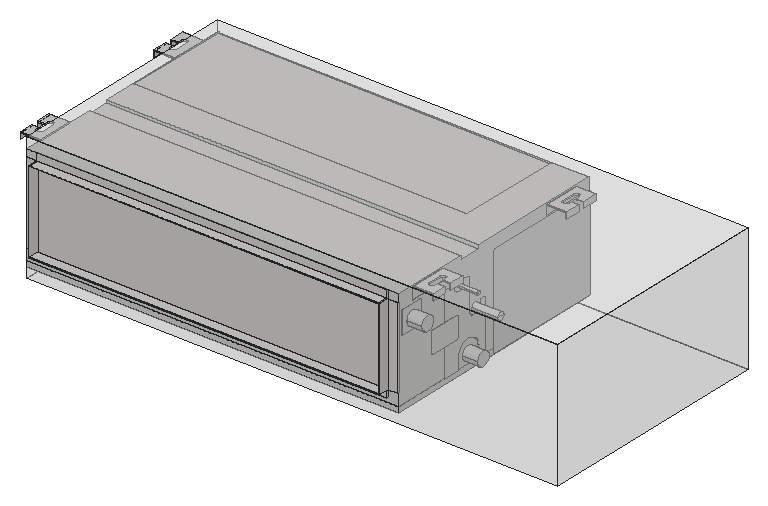
Revit family "outputfile", category 機械設備, Revit 2024
Family settings
  丸型コネクタ寸法 = 半径を使用
  パーツ タイプ = 標準
  OmniClass 番号 = 23.75.10.24.21.27.27
  OmniClass タイトル = Split System Air Conditioning Units
  作業面ベース = いいえ
  常に垂直 = はい
  ロード時にボイドで切り取り = いいえ
  注釈の向きを維持 = いいえ
  共有 = いいえ
  部屋計算ポイント = はい
Parameters (values of type "FPDQ25APV1")
  Description = ""
  書き出し IFC クラス(タイプ) = "IfcUnitaryEquipmentType"
  定義済み IFC タイプ(タイプ) = "AIRCONDITIONINGUNIT"
  Cost = 0
  Type Comments = ""
  Keynote = ""
  Type Image = (empty or 0)
  Assembly Code = ""
  w_RA Duct Size = RA Duct Size Width + 34.0 mm  # 630.0 mm
  r_HP/LP Gas Pipe Size = 4.75 mm
  lw_HP/LP Gas Pipe Size = 60.0 mm  # constant formula
  lh_HP/LP Gas Pipe Size = -103.0 mm
  ld_mountinghole = 67.5 mm  # constant formula
  ld_HP/LP Gas Pipe Size = 131.0 mm
  製造元 = "Daikin"
  モデル = "FPDQ25APV1"
  w_pipe = 33.0 mm
  r_Liquid Pipe Size = Liquid Pipe Size / 2  # 3.2 mm
  r_Gas Pipe Size = Gas Pipe Size / 2  # 6.35 mm
  r_Drain Pipe Size = Drain Pipe Size / 2  # 13.0 mm
  lw_powersupply = 49.5 mm
  lh_suctionflange [instance] = if(Rear Connection_Return Air, 100.0 mm + [h***], 190.0 mm + [h***])  # 100.0 mm
  ld_suctionflange [instance] = if(Rear Connection_Return Air, 190.0 mm, 100.0 mm)  # 190.0 mm
  ld_powersupply = 60.0 mm
  angle_vertical_RA [instance] = if(Rear Connection_Return Air, 90.00°, 0.00°)  # 90.00°
  angle horizontal_RA [instance] = if(Rear Connection_Return Air, 180.00°, 270.00°)  # 180.00°
  Voltage_comment_50Hz = "220 - 240"
  Voltage_50Hz = 230 V
  URL = ""
  Supply Air Direction [instance] = yes
  Sound Power Level_H speed (dB) = 0
  Rear Connection_Return Air [instance] = not(Bottom Connection_Return Air)  # yes
  RA_length = 190.0 mm  # constant formula
  Phase_50Hz = 1
  Minimum External Static Pressure = 10.00 Pa
  Minimum Circuit Amps_50Hz = 0.7 A
  Maximum Fuse Amps_50Hz = 16.0 A
  Maximum External Static Pressure = 30.00 Pa
  Material_Casing = DAIKIN_GalvanizedSteel_Casing_indoorunit
  lw_liquidpipe = 39.0 mm  # constant formula
  lw_gaspipe = 50.5 mm  # constant formula
  lw_mountinghole_pitch = Width + 40.0 mm  # 740.0 mm
  lw_mountinghole = 20.0 mm  # constant formula
  lw_drainpipe = 33.0 mm  # constant formula
  lh_powersupply = 20.0 mm
  lh_liquidpipe = 154.5 mm
  lh_gaspipe = 102.0 mm
  lh_mountinghole = Height + [h***]  # 200.0 mm
  lh_drainpipe = 50.0 mm
  lh_antena = 1.0 mm  # constant formula
  ld_liquidpipe = 141.0 mm
  ld_gaspipe = 178.5 mm  # constant formula
  ld_mountinghole_pitch = 315.0 mm  # constant formula
  ld_drainpipe = 422.0 mm  # constant formula
  ld_controlbox = 626.0 mm  # constant formula
  h*** = 0.0 mm  # constant formula
  d_dischargeflange = 22.2 mm  # constant formula
  Width = 700.0 mm
  Version = "ver.1.0"
  Unit Type = "Compact Ceiling Mounted Duct Type"
  Unit Mass Weight = 17.00 kg
  Unit Designation [instance] = ""
  Uniclass2015Version = "Products v1.30"
  Uniclass2015Title = "Variable refrigerant flow units"
  Uniclass2015Code = "Pr_70_65_03_94"
  Total Cooling Capacity [instance] = 0.000 kW
  Sound Pressure Level_M speed (dBA) = 26
  Sound Pressure Level_L speed (dBA) = 24
  Sound Pressure Level_H speed (dBA) = 28
  Series = "VRV HOME_Fan Coil Unit"
  Sensible Cooling Capacity [instance] = 0.000 kW
  SA Duct Size Width = 660.0 mm
  SA Duct Size Height = 153.0 mm
  Refrigerant Type = "R410A"
  RA Duct Size Width = 596.0 mm
  RA Duct Size Height = 172.0 mm
  Power Input (Cooling) = 0.075 kW
  Option Accessory 3 [instance] = ""
  Option Accessory 2 [instance] = ""
  Option Accessory 1 [instance] = ""
  Nominal Cooling Capacity = 2.800 kW
  Minimum Airflow = 420.00 m³/h
  Median Airflow = 480.00 m³/h
  Maximum Airflow = 540.00 m³/h
  Load Classification = HVAC
  Liquid Pipe Size = 6.4 mm
  Link_Nested Family [instance] = ""
  IfcVersion = ""
  IfcExportType = "AIRCONDITIONINGUNIT"
  IfcExportAs = "IfcUnitaryEquipmentType"
  Height = 200.0 mm
  Heat Exchanger Type = "Cross Fin Coil"
  Gas Pipe Size = 12.7 mm
  Frequency_50Hz = 50 Hz
  Fan Type = "Sirocco Fan"
  Fan Drive = "Direct Drive"
  FCU Tag No. [instance] = ""
  Drain Pipe Size = 26.0 mm
  Design Supply Airflow [instance] = 0.00 m³/h
  Design Return Airflow [instance] = 0.00 m³/h
  Design External Static Pressure [instance] = 0.00 Pa
  Depth = 450.0 mm
  既定の高さ = 0.0 mm
  Cooling Entering Wet Bulb Temperature [instance] = 0.00 °C
  Cooling Entering Dry Bulb Temperature [instance] = 0.00 °C
  Cooling Ambient Wet Bulb Temperature [instance] = 0.00 °C
  Cooling Ambient Dry Bulb Temperature [instance] = 0.00 °C
  Clearance visibility [instance] = yes
  Clearance Top = 20.0 mm
  Clearance Right = 300.0 mm
  Clearance Rear = 0.0 mm
  Clearance Left = 0.0 mm
  Clearance Front = 0.0 mm
  Clearance Bottom = 20.0 mm
  Bottom Connection_Return Air [instance] = no
Reference planes
  plane 1 "Center (Front/Back)": y = 0
  plane 2: z = 0
  plane 3 "Center (Left/Right)": x = 0
  plane 4 "Back": y = 225
  plane 5 "Front": y = -225
  plane 6 "Left": x = -350
  plane 7 "Right": x = 350
  plane 8 "Top": z = 0
  plane 9 "Bottom": z = -200
  plane 10: x = 325
  plane 11: x = -330
  plane 12: z = -180
  plane 13: z = -6
  plane 14: z = -22
  plane 15: z = -45.5
  plane 16: z = -98
  plane 17: x = -304
  plane 18: x = -370
  plane 19: x = 370
  plane 20: y = -157.5
  plane 21: y = 157.5
  plane 22: x = -390
  plane 23: x = 390
  plane 24: x = 389
  plane 25: x = 400.5
  plane 26: x = 383
  plane 27: z = 0
  plane 28: z = -150
  plane 29 "Clearance Left": x = -350
  plane 30 "Clearance Right": x = 650
  plane 31 "Clearance Rear": y = 225
  plane 32 "Clearance Front": y = -225
  plane 33 "Clearance Top": z = 20
  plane 34 "Clearance Bottom": z = -220
  plane 35: z = -14
  plane 36: z = -50
  plane 37: z = -96.5
  plane 38: x = -32
  plane 39: y = -46.5
  plane 40: y = -84
  plane 41: y = -30
  plane 42: y = -197
  plane 43: z = -90.5
  plane 44: y = -224
  plane 45: x = -349
  plane 46: z = -90
  plane 47: z = -30
  plane 48: y = 210
  plane 49: z = -199
  plane 50: y = 35
  plane 51: z = -101
  plane 52: x = 380
  plane 53: z = 11
  plane 54: z = 97.5
  plane 55: y = -94
Forms (mm)
  Extrusion 1, solid, material "DAIKIN_GalvanizedSteel_Casing_indoorunit" <- "Material_Casing"
    sketch origin (0, 0, 0) x (1, 0, 0) y (0, 1, 0)
      loop
        line (-350, -225) -> (350, -225) -> (350, 225) -> (-350, 225) -> (-350, -225)
    from -200 to 0
  Extrusion 2, void
    sketch origin (0, 0, 1) x (1, 0, 0) y (0, 1, 0)
      loop
        line (-350, -78) -> (350, -78) -> (350, -36) -> (-350, -36) -> (-350, -78)
    from -1 to -7
  Revolve 3, solid, material "DAIKIN_GalvanizedSteel_Casing_indoorunit" <- "Material_Casing"
    sketch origin (0, 0, -98) x (0, -1, 0) y (1, 0, 0)
      loop
        line (40.15, 350) -> (46.5, 350) -> (46.5, 400.5) -> (40.15, 400.5) -> (40.15, 350)
      axis (46.5, 350) -> (46.5, 400.5)
    angle from 0 to 360
  Revolve 4, solid, material "DAIKIN_GalvanizedSteel_Casing_indoorunit" <- "Material_Casing"
    sketch origin (0, 0, -45.5) x (0, -1, 0) y (1, 0, 0)
      loop
        line (84, 350) -> (84, 389) -> (80.8, 389) -> (80.8, 350) -> (84, 350)
      axis (84, 389) -> (84, 350)
    angle from 0 to 360
  Extrusion 5, solid, material "DAIKIN_GalvanizedSteel_Casing_indoorunit" <- "Material_Casing"
    sketch origin (350, 0, 33.75) x (0, 1, 0) y (0, 0, 1)
      loop
        circle (-197, -83.75) r 13
    from 0 to 33
  Extrusion 6, solid, material "DAIKIN_GalvanizedSteel_Casing_indoorunit" <- "Material_Casing"
    sketch origin (0, 0, 0) x (1, 0, 0) y (0, 0, 1)
      loop
        line (-350, -189.5) -> (-350, -200) -> (350, -200) -> (350, -189.5) -> (-350, -189.5)
    from 2 to 225
  Extrusion 7, solid, material "DAIKIN_GalvanizedSteel_Casing_indoorunit" <- "Material_Casing", visible <- "Bottom Connection_Return Air"
    sketch origin (0, 225, 0) x (-1, 0, 0) y (0, 0, 1)
      loop
        line (-279, -200) -> (349, -200) -> (349, -1) -> (-279, -1) -> (-279, -200)
    from -1 to 0
  Extrusion 8, void
    sketch origin (0, 225, 0) x (-1, 0, 0) y (0, 0, 1)
      loop
        line (-279, 0) -> (-279, -1) -> (349, -1) -> (349, 0) -> (-279, 0)
    from 0 to -199
  Extrusion 9, solid, material "DAIKIN_GalvanizedSteel_Casing_indoorunit" <- "Material_Casing", visible <- "Rear Connection_Return Air"
    sketch origin (0, 0, 0) x (1, 0, 0) y (0, 1, 0)
      loop
        line (-349, 225) -> (-349, 26) -> (279, 26) -> (279, 225) -> (-349, 225)
    from -200 to -199
  Extrusion 10, solid, material "DAIKIN_GalvanizedSteel_Casing_indoorunit" <- "Material_Casing"
    sketch origin (350, 0, 0) x (0, 1, 0) y (0, 0, 1)
      loop
        line (225, -22.445) -> (1.953, -22.445)
        arc (1.953, -22.445) -> (-0.169, -23.324) -> (-1.047, -25.445) r 3
        line (-1.047, -25.445) -> (-1.047, -195.005)
        arc (-1.047, -195.005) -> (-0.169, -197.126) -> (1.953, -198.005) r 3
        line (1.953, -198.005) -> (225, -198.005) -> (225, -22.445)
    from 1 to 0
  Extrusion 11, solid, material "DAIKIN_GalvanizedSteel_Casing_indoorunit" <- "Material_Casing"
    sketch origin (350, 0, 0) x (0, 1, 0) y (0, 0, 1)
      loop
        circle (-62, -170) r 13
    from 30 to 0
  Extrusion 12, solid, material "DAIKIN_GalvanizedSteel_Casing_indoorunit" <- "Material_Casing"
    sketch origin (350, 0, 0) x (0, 1, 0) y (0, 0, 1)
      loop
        line (-148.682, -97.261) -> (-148.687, -131.178)
        arc (-148.687, -131.178) -> (-147.811, -133.295) -> (-145.695, -134.172) r 2.993
        line (-145.695, -134.172) -> (-91.826, -134.18)
        arc (-91.826, -134.18) -> (-89.709, -133.304) -> (-88.832, -131.187) r 2.994
        line (-88.832, -131.187) -> (-88.832, -97.148)
        arc (-88.832, -97.148) -> (-89.749, -95.111) -> (-91.821, -94.277) r 2.992
        line (-91.821, -94.277) -> (-145.689, -94.269)
        arc (-145.689, -94.269) -> (-147.805, -95.145) -> (-148.682, -97.261) r 2.993
      loop
        line (-176, -70.949) -> (-176, -29) -> (-218, -29) -> (-218, -70.949) -> (-176, -70.949)
    from 0 to 3
  Extrusion 13, solid, material "DAIKIN_GalvanizedSteel_Casing_indoorunit" <- "Material_Casing"
    sketch origin (350, 0, 0) x (0, 1, 0) y (0, 0, 1)
      loop
        line (-37.558, -189.537) -> (-21.994, -189.537) -> (-21.994, -94.768)
        arc (-21.994, -94.768) -> (-22.579, -93.358) -> (-23.989, -92.773) r 1.995
        line (-23.989, -92.773) -> (-30.037, -92.773)
        arc (-30.037, -92.773) -> (-31.448, -93.358) -> (-32.032, -94.768) r 1.995
        line (-32.032, -94.768) -> (-32.032, -98)
        arc (-32.032, -98) -> (-46.255, -112.466) -> (-60.959, -98.49) r 14.468
        line (-60.959, -98.49) -> (-60.959, -42.953)
        arc (-60.959, -42.953) -> (-61.685, -41.568) -> (-63.124, -40.958) r 2.32
        line (-63.124, -40.958) -> (-69.828, -40.958)
        arc (-69.828, -40.958) -> (-71.239, -41.542) -> (-71.823, -42.953) r 1.995
        line (-71.823, -42.953) -> (-71.823, -45.946)
        arc (-71.823, -45.946) -> (-83.794, -57.917) -> (-95.765, -45.946) r 11.971
        line (-95.765, -45.946) -> (-95.765, -42.953)
        arc (-95.765, -42.953) -> (-96.349, -41.542) -> (-97.76, -40.958) r 1.995
        line (-97.76, -40.958) -> (-114.828, -40.958)
        arc (-114.828, -40.958) -> (-116.239, -41.542) -> (-116.823, -42.953) r 1.995
        line (-116.823, -42.953) -> (-116.823, -94.273) -> (-91.821, -94.277)
        arc (-91.821, -94.277) -> (-89.749, -95.111) -> (-88.832, -97.148) r 2.992
        line (-88.832, -97.148) -> (-88.832, -131.186)
        arc (-88.832, -131.186) -> (-89.709, -133.303) -> (-91.826, -134.18) r 2.994
        line (-91.826, -134.18) -> (-116.823, -134.176) -> (-116.823, -189.537) -> (-86.438, -189.537) -> (-86.438, -169.501)
        arc (-86.438, -169.501) -> (-61.998, -145.061) -> (-37.558, -169.501) r 24.44
        line (-37.558, -169.501) -> (-37.558, -189.537)
    from 0 to 1
  Extrusion 14, solid, material "DAIKIN_GalvanizedSteel_Casing_indoorunit" <- "Material_Casing"
    sketch origin (-350, 0, 0) x (0, 1, 0) y (0, 0, 1)
      loop
        line (72.017, -134.38) -> (151.983, -134.38) -> (151.983, -85.62) -> (72.017, -85.62) -> (72.017, -134.38)
    from 0 to -1
  Extrusion 15, solid, material "DAIKIN_GalvanizedSteel_Casing_indoorunit" <- "Material_Casing"
    sketch origin (-350, 0, 0) x (0, 1, 0) y (0, 0, 1)
      loop
        circle (112, -110) r 20.479
    from 0 to -7
  Extrusion 16, solid, material "DAIKIN_GalvanizedSteel_Casing_indoorunit" <- "Material_Casing"
    sketch origin (-350, 0, 0) x (0, 1, 0) y (0, 0, 1)
      loop
        circle (112, -110) r 17.066
    from 0 to -9
  Extrusion 17, solid, material "DAIKIN_GalvanizedSteel_Casing_indoorunit" <- "Material_Casing"
    sketch origin (-350, 0, 0) x (0, 1, 0) y (0, 0, 1)
      loop
        circle (112, -110) r 7.5
    from 0 to -22.5
Cuts and joins
  Extrusion 2, Extrusion 8 cuts Extrusion 1
  Extrusion 8 cuts Extrusion 6
  joined: Extrusion 14, Extrusion 15, Extrusion 16, Extrusion 17
Dimensions and locks
  "lh_powersupply": plane 12 to plane 9 "Bottom"
  locked: plane 8 "Top" to plane 13 at 6
  "Height": plane 8 "Top" to plane 9 "Bottom"
  locked: plane 17 to plane 3 "Center (Left/Right)" at 304
  equal spacing: plane 18, plane 3 "Center (Left/Right)", plane 19
  "lw_mountinghole_pitch": plane 18 to plane 19
  locked: plane 14 to plane 9 "Bottom" at 178
  "lw_mountinghole": plane 22 to plane 18
  "lh_liquidpipe": plane 15 to plane 9 "Bottom"
  "lh_gaspipe": plane 16 to plane 9 "Bottom"
  "lh_mountinghole": plane 27 to plane 9 "Bottom"
  "ld_mountinghole_pitch": plane 21 to plane 20
  equal spacing: plane 6 "Left", plane 3 "Center (Left/Right)", plane 7 "Right"
  "Width": plane 6 "Left" to plane 7 "Right"
  "lh_drainpipe": plane 28 to plane 9 "Bottom"
  "Clearance Right": plane 7 "Right" to plane 30 "Clearance Right"
  "Clearance Left": plane 29 "Clearance Left" to plane 6 "Left"
  "lw_gaspipe": plane 7 "Right" to plane 25
  "lw_liquidpipe": plane 7 "Right" to plane 24
  "lw_drainpipe": plane 7 "Right" to plane 26
  "Clearance Rear": plane 31 "Clearance Rear" to plane 4 "Back"
  "Clearance Front": plane 5 "Front" to plane 32 "Clearance Front"
  "Clearance Top": plane 33 "Clearance Top" to plane 8 "Top"
  "Clearance Bottom": plane 9 "Bottom" to plane 34 "Clearance Bottom"
  plane 8 "Top" to plane 35 = 14.0 mm
  "lh_drainpipe": plane 8 "Top" to plane 36
  locked: plane 37 to plane 9 "Bottom" at 103.5
  locked: plane 35 to plane 43 at 76.5
  "Depth": plane 4 "Back" to plane 5 "Front"
  equal spacing: plane 4 "Back", plane 1 "Center (Front/Back)", plane 5 "Front"
  locked: plane 44 to plane 5 "Front" at 1
  locked: plane 45 to plane 6 "Left" at 1
  Extrusion 7 sketch curve to Extrusion 7 sketch curve = 199.0 mm
  nested 12 to plane 38 = 298.0 mm
  locked: plane 12 to plane 46 at 90
  plane 31 "Clearance Rear" to Extrusion 7 = 0.0 mm
  locked: plane 47 to plane 34 "Clearance Bottom" at 190
  plane 48 to nested 13 = 1.0 mm
  locked: plane 49 to plane 9 "Bottom" at 1
  "ld_suctionflange": plane 4 "Back" to plane 50
  locked: plane 51 to plane 9 "Bottom" at 99
  locked: plane 52 to plane 7 "Right" at 30
  "r_Gas Pipe Size": Revolve 3 sketch curve to Revolve 3 sketch curve
  "ld_gaspipe": plane 39 to plane 5 "Front"
  "r_Liquid Pipe Size": Revolve 4 sketch curve to plane 40
  "ld_liquidpipe": plane 40 to plane 5 "Front"
  "ld_drainpipe": plane 4 "Back" to plane 42
  "ld_HP/LP Gas Pipe Size": plane 55 to plane 5 "Front"
  plane 8 "Top" to plane 15 = 45.5 mm
  Extrusion 2 sketch curve to plane 5 "Front" = 189.0 mm
  "lw_powersupply": nested 11 to plane 7 "Right"
  plane 4 "Back" to nested 11 = 60.0 mm
  locked: plane 7 "Right" to Extrusion 8 sketch curve at 71
  locked: plane 7 "Right" to Extrusion 7 sketch curve at 71
  "ld_mountinghole": plane 20 to plane 5 "Front"
  locked: Extrusion 6 sketch curve to plane 9 "Bottom" at 10.5
  "ld_gaspipe": Revolve 3 sketch curve to plane 5 "Front"
  plane 8 "Top" to Extrusion 12 sketch curve to Extrusion 12 sketch curve = 29.0 mm locked, 41.949 mm locked
  plane 5 "Front" to Extrusion 12 sketch curve to Extrusion 12 sketch curve = 7.0 mm locked, 42.0 mm locked
  "r_Drain Pipe Size": radius of Extrusion 5 sketch curve
  aligned and locked: level to plane 2
  aligned and locked: Extrusion 1 to plane 9 "Bottom"
  aligned and locked: plane 8 "Top" to Extrusion 1
  aligned and locked: Revolve 3 sketch curve to Revolve 3 sketch curve
  aligned and locked: plane 24 to nested 6
  aligned and locked: nested 6 to plane 15
  aligned and locked: nested 2 to plane 21
  aligned and locked: plane 19 to nested 2
  aligned and locked: plane 19 to nested 3
  aligned and locked: plane 18 to nested 4
  aligned and locked: plane 21 to nested 5
  aligned and locked: nested 5 to plane 21
  aligned and locked: plane 18 to nested 5
  aligned and locked: plane 8 "Top" to nested 1
  aligned and locked: Extrusion 6 to plane 5 "Front"
  aligned and locked: Extrusion 6 to plane 9 "Bottom"
  aligned and locked: nested 7 to plane 16
  aligned and locked: plane 39 to nested 7
  aligned and locked: plane 40 to nested 6
  aligned and locked: Extrusion 5 sketch curve to plane 42
  aligned and locked: nested 12 to plane 45
  aligned and locked: plane 4 "Back" to Extrusion 8
  aligned and locked: plane 8 "Top" to Extrusion 2
  aligned and locked: Extrusion 7 to cut or joined group of Extrusion 1, Extrusion 2, Extrusion 8
  aligned and locked: plane 9 "Bottom" to Extrusion 9  (x2)
  aligned and locked: Extrusion 9 to plane 49
  aligned and locked: plane 4 "Back" to nested 12
  aligned and locked: Extrusion 8 to level
  aligned and locked: plane 30 "Clearance Right" to nested 14
  aligned and locked: plane 29 "Clearance Left" to nested 14
  aligned and locked: nested 14 to plane 32 "Clearance Front"
  aligned and locked: nested 14 to plane 33 "Clearance Top"
  aligned and locked: nested 14 to plane 34 "Clearance Bottom"
  aligned and locked: plane 7 "Right" to Extrusion 10
  aligned and locked: Extrusion 2 to plane 13
  aligned and locked: nested 8 to plane 36
  aligned and locked: nested 10 to plane 1 "Center (Front/Back)"
  aligned and locked: plane 45 to Extrusion 7
  aligned and locked: nested 12 to plane 49
  aligned and locked: plane 3 "Center (Left/Right)" to nested 10
  aligned and locked: plane 43 to nested 9
  aligned and locked: level to plane 8 "Top"
  aligned and locked: plane 3 "Center (Left/Right)" to nested 1
  aligned and locked: Extrusion 1 sketch curve to plane 5 "Front"
  aligned and locked: plane 3 "Center (Left/Right)" to nested 16
  aligned and locked: plane 5 "Front" to nested 16
  aligned and locked: nested 9 to plane 5 "Front"
  aligned and locked: plane 40 to Revolve 4 sketch curve  (x2)
  aligned and locked: plane 7 "Right" to nested 7
  aligned and locked: Extrusion 9 sketch curve to cut or joined group of Extrusion 1, Extrusion 2, Extrusion 8
  aligned and locked: plane 45 to nested 13
  aligned and locked: plane 7 "Right" to nested 8
  aligned and locked: plane 42 to nested 8
  aligned and locked: cut or joined group of Extrusion 1, Extrusion 2, Extrusion 8 to Extrusion 9 sketch curve
  aligned and locked: plane 1 "Center (Front/Back)" to nested 1
  aligned and locked: nested 4 to plane 20
  aligned and locked: nested 3 to plane 20
  aligned and locked: nested 16 to plane 35
  aligned and locked: nested 13 to Extrusion 7
  aligned and locked: plane 38 to nested 15
  aligned and locked: nested 15 to plane 50
  aligned and locked: plane 4 "Back" to nested 11
  aligned and locked: plane 12 to nested 11
  aligned and locked: plane 7 "Right" to Revolve 4 sketch curve
  aligned and locked: plane 7 "Right" to Revolve 3 sketch curve
  aligned and locked: Revolve 3 sketch curve to nested 7
  aligned and locked: Extrusion 6 sketch curve to plane 9 "Bottom"
  aligned and locked: plane 31 "Clearance Rear" to nested 14
Automatic sketch dimensions
  Extrusion 1 sketch curve to plane 4 "Back" = 0.0 mm
  Extrusion 1 sketch curve to plane 6 "Left" = 0.0 mm
  Extrusion 1 sketch curve to plane 7 "Right" = 0.0 mm
  Extrusion 2 sketch curve to plane 6 "Left" = 0.0 mm
  Extrusion 2 sketch curve to plane 7 "Right" = 0.0 mm
  Revolve 3 sketch curve to plane 38 = 57.997 mm
  plane 24 to Revolve 3 sketch curve = 1.003 mm
  Revolve 4 sketch curve to plane 24 = 0.0 mm  (x2)
  Revolve 4 sketch curve to Revolve 4 sketch curve = 1.0 mm
  Extrusion 6 sketch curve to plane 6 "Left" = 0.0 mm
  Extrusion 6 sketch curve to plane 7 "Right" = 0.0 mm
  Extrusion 9 sketch curve to plane 45 = 0.0 mm
  Extrusion 9 sketch curve to plane 4 "Back" = 0.0 mm
  Extrusion 10 sketch curve to plane 4 "Back" = 0.0 mm
  plane 49 to Extrusion 10 sketch curve = 0.995 mm
  Extrusion 10 sketch curve to plane 50 = 33.047 mm  (x2)
  Extrusion 10 sketch curve to plane 14 = 3.445 mm
  Extrusion 10 sketch curve to Extrusion 10 sketch curve = 3.0 mm
  plane 36 to Extrusion 5 sketch curve = 0.0 mm
  Extrusion 7 sketch curve to plane 9 "Bottom" = 0.0 mm
  Extrusion 7 sketch curve to plane 45 = 0.0 mm
  Extrusion 8 sketch curve to level = 0.0 mm
  Extrusion 8 sketch curve to plane 45 = 0.0 mm
  Extrusion 8 sketch curve to Extrusion 8 sketch curve = 1.0 mm
  plane 20 to Extrusion 12 sketch curve = 8.813 mm
  Extrusion 12 sketch curve to plane 37 = 0.761 mm
  plane 20 to Extrusion 12 sketch curve = 8.818 mm
  Extrusion 12 sketch curve to Extrusion 12 sketch curve = 2.992 mm
  Extrusion 12 sketch curve to Extrusion 12 sketch curve = 2.993 mm  (x2)
  Extrusion 12 sketch curve to plane 37 = 0.762 mm
  plane 37 to Extrusion 12 sketch curve = 2.231 mm
  plane 55 to Extrusion 12 sketch curve = 2.174 mm
  plane 55 to Extrusion 12 sketch curve = 2.175 mm
  Extrusion 12 sketch curve to plane 37 = 0.77 mm
  plane 55 to Extrusion 12 sketch curve = 2.179 mm  (x2)
  Extrusion 12 sketch curve to plane 37 = 0.648 mm
  Extrusion 12 sketch curve to Extrusion 12 sketch curve = 2.99 mm
  plane 28 to Extrusion 12 sketch curve = 18.822 mm
  Extrusion 12 sketch curve to Extrusion 12 sketch curve = 0.0 mm
  plane 28 to Extrusion 12 sketch curve = 18.814 mm
  Extrusion 12 sketch curve to Extrusion 12 sketch curve = 0.001 mm
  Extrusion 11 sketch curve to plane 39 = 15.5 mm
  plane 12 to Extrusion 11 sketch curve = 10.0 mm
  Extrusion 13 sketch curve to plane 16 = 0.0 mm
  Extrusion 13 sketch curve to plane 39 = 0.0 mm
  plane 15 to Extrusion 13 sketch curve = 2.547 mm
  Extrusion 13 sketch curve to plane 39 = 14.459 mm
  Extrusion 13 sketch curve to plane 39 = 15.498 mm
  Extrusion 13 sketch curve to Extrusion 13 sketch curve = 2.165 mm
  Extrusion 13 sketch curve to Extrusion 13 sketch curve = 2.297 mm
  Extrusion 13 sketch curve to Extrusion 13 sketch curve = 6.704 mm
  Extrusion 13 sketch curve to plane 15 = 0.446 mm
  Extrusion 13 sketch curve to Extrusion 13 sketch curve = 1.995 mm  (x2)
  plane 40 to Extrusion 13 sketch curve = 0.206 mm
  Extrusion 13 sketch curve to plane 40 = 2.438 mm
  Extrusion 13 sketch curve to plane 37 = 0.648 mm
  Extrusion 13 sketch curve to plane 40 = 4.832 mm
  plane 55 to Extrusion 13 sketch curve = 2.179 mm  (x2)
  plane 16 to Extrusion 13 sketch curve = 0.73 mm
  plane 55 to Extrusion 13 sketch curve = 2.175 mm
  plane 55 to Extrusion 13 sketch curve = 2.174 mm
  plane 15 to Extrusion 13 sketch curve = 4.542 mm
  Extrusion 13 sketch curve to Extrusion 13 sketch curve = 17.068 mm
  plane 37 to Extrusion 13 sketch curve = 2.227 mm
  Extrusion 13 sketch curve to plane 55 = 22.823 mm  (x2)
  plane 37 to Extrusion 13 sketch curve = 1.732 mm  (x2)
  Extrusion 13 sketch curve to Extrusion 13 sketch curve = 14.468 mm
  Extrusion 13 sketch curve to plane 41 = 0.037 mm
  plane 41 to Extrusion 13 sketch curve = 6.011 mm
  plane 28 to Extrusion 13 sketch curve = 18.814 mm
  plane 28 to Extrusion 13 sketch curve = 15.824 mm
  plane 12 to Extrusion 13 sketch curve = 10.499 mm
  plane 49 to Extrusion 13 sketch curve = 9.463 mm  (x2)
  plane 15 to Extrusion 13 sketch curve = 2.226 mm
  plane 40 to Extrusion 2 sketch curve = 6.0 mm
  plane 46 to Extrusion 14 sketch curve = 4.38 mm
  plane 50 to Extrusion 14 sketch curve = 37.017 mm
  Extrusion 14 sketch curve to plane 21 = 5.517 mm
  plane 28 to Extrusion 14 sketch curve = 15.62 mm
  Extrusion 15 sketch curve to plane 51 = 9.0 mm
  Extrusion 15 sketch curve to plane 21 = 45.5 mm
  Extrusion 16 sketch curve to plane 51 = 9.0 mm
  Extrusion 16 sketch curve to plane 21 = 45.5 mm
  Extrusion 17 sketch curve to plane 51 = 9.0 mm
  Extrusion 17 sketch curve to plane 21 = 45.5 mm
  radius of Extrusion 11 sketch curve = 13.0 mm
  radius of Extrusion 15 sketch curve = 20.479 mm
  radius of Extrusion 16 sketch curve = 17.066 mm
  radius of Extrusion 17 sketch curve = 7.5 mm
Nested families
  nested 1: "daikin_hangerfixture_FPDQ-APV1" at (0, 0, 0), type "daikin_hangerfixture_FPDQ-APV1"
  nested 2: "daikin_mountinghole" at (370, 157.5, -200), l_antenna <- "lh_antena", Link_Nested Family <- "Link_Nested Family", h_mountinghole <- "lh_mountinghole", type "daikin_mountinghole"
    with show yes, l_antenna 1.0 mm, h_mountinghole 200.0 mm, Link_Nested Family ""
  nested 3: "daikin_mountinghole" at (370, -157.5, -200), Link_Nested Family <- "Link_Nested Family", l_antenna <- "lh_antena", h_mountinghole <- "lh_mountinghole", type "daikin_mountinghole"
    with show yes, l_antenna 1.0 mm, h_mountinghole 200.0 mm, Link_Nested Family ""
  nested 4: "daikin_mountinghole" at (-370, -157.5, -200), l_antenna <- "lh_antena", Link_Nested Family <- "Link_Nested Family", h_mountinghole <- "lh_mountinghole", type "daikin_mountinghole"
    with show yes, l_antenna 1.0 mm, h_mountinghole 200.0 mm, Link_Nested Family ""
  nested 5: "daikin_mountinghole" at (-370, 157.5, -200), l_antenna <- "lh_antena", Link_Nested Family <- "Link_Nested Family", h_mountinghole <- "lh_mountinghole", type "daikin_mountinghole"
    with show yes, l_antenna 1.0 mm, h_mountinghole 200.0 mm, Link_Nested Family ""
  nested 6: "daikin_connector_rotate2" at (350, -84, -45.5) x (0, 1, 0) z (0, 0, 1), length <- "lw_liquidpipe", built-in parameter 1001364 <- "lh_liquidpipe", radius <- "r_Liquid Pipe Size", type "daikin_connector_rotate2"
    with radius 3.2 mm, length 39.0 mm, angle_vertical 90.00°
  nested 7: "daikin_connector_rotate2" at (350, -46.5, -98) x (0, 1, 0) z (0, 0, 1), length <- "lw_gaspipe", built-in parameter 1001364 <- "lh_gaspipe", radius <- "r_Gas Pipe Size", type "daikin_connector_rotate2"
    with radius 6.35 mm, length 50.5 mm, angle_vertical 90.00°
  nested 8: "daikin_connector_rotate2" at (350, -197, -50) x (0, 1, 0) z (0, 0, 1), built-in parameter 1001364 <- "lh_drainpipe", radius <- "r_Drain Pipe Size", length <- "lw_drainpipe", type "daikin_connector_rotate2"
    with radius 13.0 mm, length 33.0 mm, angle_vertical 90.00°
  nested 9: "daikin_connector_rotate2" at (0, -225, -90.5), length <- "d_dischargeflange", type "daikin_connector_rotate2"
    with radius 10.0 mm, length 22.2 mm, angle_vertical 90.00°
  nested 10: "daikin_△_symbolicline" at (-75, -129.904, 200) x (-0.5, 0.866, 0) z (0, 0, 1), built-in parameter 1001364 <- "Height", visible <- "Supply Air Direction", type "daikin_△_symbolicline"
    with length 300.0 mm
  nested 11: "daikin_connector_rotate2" at (300.5, 165, -180) x (-1, 0, 0) z (0, 0, 1), type "daikin_connector_rotate2"
    with radius 10.0 mm, length 60.0 mm, angle_vertical 90.00°
  nested 12: "daikin_ductflange_FPDQ-APV1_2" at (-35, 225, -100), material <- "Material_Casing", visible <- "Rear Connection_Return Air", height <- "RA Duct Size Height", width <- "w_RA Duct Size", type "daikin_ductflange_FPDQ-APV1_2"
    with width 630.0 mm, material DAIKIN_GalvanizedSteel_Casing_indoorunit, height 172.0 mm, depth 21.2 mm
  nested 13: "daikin_ductflange_FPDQ-APV1_2" at (-35, 125, -200) x (1, 0, 0) z (0, 1, 0), material <- "Material_Casing", visible <- "Bottom Connection_Return Air", width <- "w_RA Duct Size", height <- "RA Duct Size Height", type "daikin_ductflange_FPDQ-APV1_2"
    with width 630.0 mm, material DAIKIN_GalvanizedSteel_Casing_indoorunit, height 172.0 mm, depth 21.0 mm
  nested 14: "daikin_clearancespace" at (150, 0, -99.881), visible <- "Clearance visibility", show <- "Clearance visibility", Link_Nested Family <- "Link_Nested Family", type "daikin_clearancespace"
    with width 1000.0 mm, show yes, height 240.0 mm, depth 450.0 mm, Link_Nested Family ""
  nested 15: "daikin_connector_rotate3" at (-32, 35, -100), built-in parameter 1001364 <- "lh_suctionflange", angle_vertical <- "angle_vertical_RA", angle_horizontal <- "angle horizontal_RA", length <- "RA_length", type "daikin_connector_rotate3"
    with show no, radius 10.0 mm, length 190.0 mm, angle_vertical 90.00°, angle_horizontal 180.00°
  nested 16: "daikin_ductflange_FPDQ-APV1_1" at (0, 88.5, -357.201), width <- "SA Duct Size Width", type "daikin_ductflange_FPDQ-APV1_1"
    with width 660.0 mm, material DAIKIN_GalvanizedSteel_Casing_indoorunit, height 155.0 mm, depth 20.0 mm
Connectors
  piping at (400.5, -46.5, -98), diameter 12.7, driven by "r_Gas Pipe Size"
    settings: on nested 7, index 1, connector inside diameter 609.6 mm, connector length 0.0 mm, flow factor 0, pipe flow 0.00 m³/h, pressure drop 0.0 Pa, fitting loss kfactor 0, connector angle 0.00°, fixture units 0, engagement length 0.0 mm, angle of deflection 0.00°, flow configuration 1, flow direction 2, fitting loss method 0, system type 29, joint type 0, gender type 0, connector reference index -1, connector utility 0, adjustable connector no, is connector primary yes, connector description "Refrigerant Gas Piping"
  piping at (389, -84, -45.5), diameter 6.4, driven by "r_Liquid Pipe Size"
    settings: on nested 6, index 2, connector inside diameter 609.6 mm, connector length 0.0 mm, flow factor 0, pipe flow 0.00 m³/h, pressure drop 0.0 Pa, fitting loss kfactor 0, connector angle 0.00°, fixture units 0, engagement length 0.0 mm, angle of deflection 0.00°, flow configuration 1, flow direction 1, fitting loss method 0, system type 29, joint type 0, gender type 0, connector reference index -1, connector utility 0, adjustable connector no, is connector primary no, connector description "Refrigerant Liquid Piping"
  piping at (383, -197, -50), diameter 26, driven by "r_Drain Pipe Size"
    settings: on nested 8, index 3, connector inside diameter 609.6 mm, connector length 0.0 mm, flow factor 0, pipe flow 0.00 m³/h, pressure drop 0.0 Pa, fitting loss kfactor 0, connector angle 0.00°, fixture units 0, engagement length 0.0 mm, angle of deflection 0.00°, flow configuration 1, flow direction 2, fitting loss method 4, system type 16, joint type 0, gender type 0, connector reference index -1, connector utility 0, adjustable connector no, is connector primary no, connector description "Condensate Drain Piping"
  electrical at (300.5, 225, -180), driven by "Load Classification"
    settings: on nested 11, index 9, voltage 0 V, apparent load 0 VA, apparent load phase1 0 VA, apparent load phase2 0 VA, apparent load phase3 0 VA, power factor 1, load classification "HVAC", number of poles 1, system type 30, power factor state 1, is connector primary yes, connector utility no, sub classification motor no, connector description "Power Supply"
  hvac at (0, -247.2, -90.5), driven by "SA Duct Size Height", driven by "SA Duct Size Width"
    settings: on nested 9, index 11, duct flow 0.00 m³/h, flow factor 0, pres drop 0.00 Pa, loss coef 0, conn angle 0.00°, conn width 660.0 mm, conn height 153.0 mm, conn diameter 609.6 mm, duct sys type 1, conn prof type 1, flow config 0, flow direction 2, loss method 4, conn ref index -1, conn util no, is conn primary yes, conn desc "SA Duct"
  hvac at (-32, 225, -100), driven by "RA Duct Size Height", driven by "RA Duct Size Width"
    settings: on nested 15, index 12, duct flow 0.00 m³/h, flow factor 0, pres drop 0.00 Pa, loss coef 0, conn angle 0.00°, conn width 596.0 mm, conn height 172.0 mm, conn diameter 609.6 mm, duct sys type 2, conn prof type 1, flow config 0, flow direction 1, loss method 4, conn ref index -1, conn util no, is conn primary no, conn desc "RA Duct"
  piping at (400.5, -46.5, -98), diameter 12.7, driven by "r_Gas Pipe Size"
    settings: on nested 7, index 13, connector inside diameter 609.6 mm, connector length 0.0 mm, flow factor 0, pipe flow 0.00 m³/h, pressure drop 0.0 Pa, fitting loss kfactor 0, connector angle 0.00°, fixture units 0, engagement length 0.0 mm, angle of deflection 0.00°, flow configuration 1, flow direction 2, fitting loss method 0, system type 29, joint type 0, gender type 0, connector reference index -1, connector utility 0, adjustable connector no, is connector primary no, connector description "Refrigerant Gas Piping"
Definition of nested family "daikin_hangerfixture_FPDQ-APV1"
  Parameters (values of type "daikin_hangerfixture_FPRQ-APVM")
    width = 700.0 mm
    material = none
    height = 65.0 mm
    depth = 620.0 mm
    Default Elevation = 0.0 mm
  Reference planes
    plane 1 "Center (Front/Back)": y = 0
    plane 2: z = 0
    plane 3 "Center (Left/Right)": x = 0
    plane 4: x = 350
    plane 5: y = 310
    plane 6: y = -310
    plane 7: x = -350
  Forms (mm)
    Extrusion 1, solid, material <- "material"
      sketch origin (0, 0, 0) x (1, 0, 0) y (0, 0, 1)
        loop
          line (350, 0) -> (350, -24.477) -> (351.56, -22.917) -> (351.56, -1.56) -> (387.944, -1.56) -> (387.944, -11.312) -> (389.504, -11.312) -> (389.504, 0) -> (350, 0)
      from -310 to 310
    Extrusion 2, void
      sketch origin (0, 0, 0) x (0, 1, 0) y (0, 0, 1)
        loop
          line (310, -30) -> (310, -17.979) -> (87.935, -17.979) -> (75.914, -30) -> (310, -30)
      from 0 to 618
    Extrusion 3, void
      sketch origin (0, 0, 0) x (1, 0, 0) y (0, 1, 0)
        loop
          line (389.5, 163.755) -> (375.851, 163.755) -> (375.851, 169.607)
          arc (375.851, 169.607) -> (370, 175.458) -> (364.149, 169.607) r 5.851
          line (364.149, 169.607) -> (364.149, 145.227)
          arc (364.149, 145.227) -> (370, 139.376) -> (375.851, 145.227) r 5.851
          line (375.851, 145.227) -> (375.851, 151.078) -> (389.5, 151.078) -> (389.5, 163.755)
        loop
          line (389.5, -151.161) -> (375.851, -151.161) -> (375.851, -145.31)
          arc (375.851, -145.31) -> (370, -139.459) -> (364.149, -145.31) r 5.851
          line (364.149, -145.31) -> (364.149, -169.69)
          arc (364.149, -169.69) -> (370, -175.541) -> (375.851, -169.69) r 5.851
          line (375.851, -169.69) -> (375.851, -163.839) -> (389.5, -163.839) -> (389.5, -151.161)
        loop
          line (350, 310) -> (350, 191.548) -> (389.504, 191.548) -> (389.504, 310) -> (350, 310)
        loop
          line (350, 123.285) -> (350, -123.368) -> (389.504, -123.368) -> (389.504, 123.285) -> (350, 123.285)
        loop
          line (350, -191.632) -> (350, -310) -> (389.504, -310) -> (389.504, -191.632) -> (350, -191.632)
      from -254.96 to 618
    Extrusion 4, solid, material <- "material"
      sketch origin (0, 0, 0) x (-1, 0, 0) y (0, 0, -1)
        loop
          line (350, 0) -> (389.504, 0) -> (389.504, 11.312) -> (387.944, 11.312) -> (387.944, 1.56) -> (351.56, 1.56) -> (351.56, 22.917) -> (350, 24.477) -> (350, 0)
      from -310 to 310
    Extrusion 5, void
      sketch origin (0, 0, 0) x (-1, 0, 0) y (0, -1, 0)
        loop
          line (389.5, -151.161) -> (375.851, -151.161) -> (375.851, -145.31)
          arc (375.851, -145.31) -> (370, -139.459) -> (364.149, -145.31) r 5.851
          line (364.149, -145.31) -> (364.149, -169.69)
          arc (364.149, -169.69) -> (370, -175.541) -> (375.851, -169.69) r 5.851
          line (375.851, -169.69) -> (375.851, -163.839) -> (389.5, -163.839) -> (389.5, -151.161)
        loop
          line (389.5, 163.839) -> (375.851, 163.839) -> (375.851, 169.69)
          arc (375.851, 169.69) -> (370, 175.541) -> (364.149, 169.69) r 5.851
          line (364.149, 169.69) -> (364.149, 145.31)
          arc (364.149, 145.31) -> (370, 139.459) -> (375.851, 145.31) r 5.851
          line (375.851, 145.31) -> (375.851, 151.161) -> (389.5, 151.161) -> (389.5, 163.839)
        loop
          line (389.504, 191.632) -> (389.504, 310) -> (350, 310) -> (350, 191.632) -> (389.504, 191.632)
        loop
          line (389.504, 123.368) -> (350, 123.368) -> (350, -123.368) -> (389.504, -123.368) -> (389.504, 123.368)
        loop
          line (389.504, -191.632) -> (350, -191.632) -> (350, -310) -> (389.504, -310) -> (389.504, -191.632)
      from -254.96 to 618
  Cuts and joins
    Extrusion 2, Extrusion 3, Extrusion 5 cuts Extrusion 1
    Extrusion 5 cuts Extrusion 4
  Dimensions and locks
    equal spacing: plane 5, plane 1 "Center (Front/Back)", plane 6
    "depth": plane 5 to plane 6
    plane 6 to plane 1 "Center (Front/Back)" to plane 5 = 310.0 mm, 310.0 mm
    locked: Extrusion 1 sketch curve to plane 4 at 1.56
    locked: level to Extrusion 1 sketch curve at 1.56
    locked: Extrusion 1 sketch curve to plane 4 at 39.504
    locked: level to Extrusion 1 sketch curve at 11.312
    locked: Extrusion 1 sketch curve to Extrusion 1 sketch curve at 1.56
    locked: level to Extrusion 1 sketch curve at 24.477
    equal spacing: plane 7, plane 3 "Center (Left/Right)", plane 4
    "width": plane 7 to plane 4
    locked: plane 7 to Extrusion 4 sketch curve at 1.56
    locked: level to Extrusion 4 sketch curve at 11.312
    locked: plane 7 to Extrusion 4 sketch curve at 39.504
    locked: Extrusion 4 sketch curve to Extrusion 4 sketch curve at 1.56
    locked: plane 2 to Extrusion 4 sketch curve at 1.56
    locked: plane 2 to Extrusion 4 sketch curve at 24.477
    aligned and locked: level to plane 2
    aligned and locked: plane 5 to Extrusion 1
    aligned and locked: Extrusion 1 to plane 6
    aligned and locked: Extrusion 1 to plane 4
    aligned and locked: plane 5 to cut or joined group of Extrusion 1, Extrusion 2, Extrusion 3, Extrusion 5
    aligned and locked: cut or joined group of Extrusion 1, Extrusion 2, Extrusion 3, Extrusion 5 to plane 6
    aligned and locked: level to cut or joined group of Extrusion 1, Extrusion 2, Extrusion 3, Extrusion 5
    aligned and locked: plane 5 to cut or joined group of Extrusion 4, Extrusion 5
    aligned and locked: cut or joined group of Extrusion 4, Extrusion 5 to plane 6
    aligned and locked: Extrusion 1 sketch curve to level
    aligned and locked: Extrusion 4 sketch curve to plane 7
    aligned and locked: plane 2 to Extrusion 4 sketch curve
  Automatic sketch dimensions
    Extrusion 2 sketch curve to plane 5 = 0.0 mm
    Extrusion 2 sketch curve to level = 17.979 mm
    Extrusion 2 sketch curve to plane 1 "Center (Front/Back)" = 87.935 mm
    Extrusion 2 sketch curve to level = 30.0 mm
    Extrusion 2 sketch curve to Extrusion 2 sketch curve = 12.021 mm
    Extrusion 1 sketch curve to plane 4 = 0.0 mm
    Extrusion 1 sketch curve to Extrusion 1 sketch curve = 1.56 mm
    Extrusion 4 sketch curve to Extrusion 4 sketch curve = 1.56 mm
    Extrusion 3 sketch curve to plane 4 = 0.0 mm  (x3)
    Extrusion 3 sketch curve to plane 5 = 0.0 mm
    Extrusion 3 sketch curve to plane 6 = 0.0 mm
    plane 4 to Extrusion 3 sketch curve = 14.149 mm  (x2)
    Extrusion 3 sketch curve to Extrusion 3 sketch curve = 5.851 mm  (x8)
    Extrusion 3 sketch curve to Extrusion 3 sketch curve = 13.649 mm  (x2)
    Extrusion 3 sketch curve to Extrusion 3 sketch curve = 13.653 mm  (x3)
    plane 6 to Extrusion 3 sketch curve = 118.368 mm
    Extrusion 3 sketch curve to Extrusion 3 sketch curve = 21.942 mm  (x4)
    Extrusion 3 sketch curve to Extrusion 3 sketch curve = 12.678 mm  (x2)
    Extrusion 3 sketch curve to plane 1 "Center (Front/Back)" = 123.285 mm
    Extrusion 5 sketch curve to plane 5 = 0.0 mm
    Extrusion 5 sketch curve to plane 7 = 0.0 mm  (x3)
    Extrusion 5 sketch curve to plane 6 = 0.0 mm
    Extrusion 5 sketch curve to plane 7 = 14.149 mm  (x2)
    Extrusion 5 sketch curve to Extrusion 5 sketch curve = 5.851 mm  (x8)
    Extrusion 5 sketch curve to Extrusion 5 sketch curve = 13.649 mm  (x2)
    Extrusion 5 sketch curve to Extrusion 5 sketch curve = 13.653 mm  (x3)
    Extrusion 5 sketch curve to Extrusion 5 sketch curve = 118.368 mm
    Extrusion 5 sketch curve to Extrusion 5 sketch curve = 21.942 mm  (x4)
    Extrusion 5 sketch curve to Extrusion 5 sketch curve = 12.678 mm  (x2)
    plane 1 "Center (Front/Back)" to Extrusion 5 sketch curve = 123.368 mm
Definition of nested family "daikin_ductflange_FPDQ-APV1_2"
  Parameters (values of type "daikin_ductflange_FPDQ-APV1_2")
    width [instance] = 620.0 mm
    material [instance] = none
    height [instance] = 160.0 mm
    depth [instance] = 21.2 mm
    Default Elevation = 0.0 mm
  Reference planes
    plane 1 "Center (Front/Back)": y = 0
    plane 2: z = 0
    plane 3 "Center (Left/Right)": x = 0
    plane 4: y = -313.5
    plane 5: y = -334.7
    plane 6: x = -310
    plane 7: x = 310
    plane 8: z = 80
    plane 9: z = -80
    plane 10: z = 100
    plane 11: z = -100
    plane 12: x = -309
    plane 13: x = 309
  Forms (mm)
    Extrusion 1, solid, material <- "material"
      sketch origin (0, 0, 0) x (1, 0, 0) y (0, 0, 1)
        loop
          line (-290, 80) -> (-290, -80) -> (296, -80) -> (296, 80) -> (-290, 80)
        loop
          line (-309, -99) -> (309, -99) -> (309, 99) -> (-309, 99) -> (-309, -99)
      from 0 to 1
  Dimensions and locks
    plane 4 to plane 1 "Center (Front/Back)" = 313.5 mm
    "depth": plane 5 to plane 4
    equal spacing: plane 7, plane 3 "Center (Left/Right)", plane 6, locked at 310 each
    "width": plane 7 to plane 6
    equal spacing: plane 8, level, plane 9
    "height": plane 8 to plane 9
    equal spacing: plane 10, level, plane 11, locked at 100 each
    locked: plane 10 to plane 11 at 200
    plane 12 to plane 6 = 1.0 mm
    locked: plane 7 to plane 13 at 1
    Extrusion 1 sketch curve to Extrusion 1 sketch curve = 19.0 mm  (x2)
    locked: Extrusion 1 sketch curve to Extrusion 1 sketch curve at 19
    locked: Extrusion 1 sketch curve to Extrusion 1 sketch curve at 13
    locked: plane 10 to Extrusion 1 sketch curve at 1
    locked: Extrusion 1 sketch curve to plane 11 at 1
    aligned and locked: level to plane 2
    aligned and locked: plane 8 to Extrusion 1
    aligned and locked: plane 9 to Extrusion 1
  Automatic sketch dimensions
    plane 6 to Extrusion 1 sketch curve = 1.0 mm
    Extrusion 1 sketch curve to plane 7 = 1.0 mm
Definition of nested family "daikin_clearancespace"
  Parameters (values of type "daikin_clearancespace")
    Description = "daikin_clearancespace"
    width [instance] = 1823.963 mm
    show [instance] = yes
    material = none
    height [instance] = 1359.762 mm
    depth [instance] = 880.0 mm
    Default Elevation = 0.0 mm
    Link_Nested Family [instance] = ""
  Reference planes
    plane 1 "Center (Front/Back)": y = 0
    plane 2 "Center (Elevation)": z = -0.119
    plane 3 "Center (Left/Right)": x = 0
    plane 4: y = 440
    plane 5: y = -440
    plane 6 "Right": x = 911.982
    plane 7 "Left": x = -911.982
    plane 8 "Top": z = 679.762
    plane 9 "Bottom": z = -680
  Forms (mm)
    Extrusion 1, solid, material <- "material", visible <- "show"
      sketch origin (0, 0, 0) x (1, 0, 0) y (0, 1, 0)
        loop
          line (-911.982, 440) -> (-911.982, -440) -> (911.982, -440) -> (911.982, 440) -> (-911.982, 440)
      from -680 to 679.762
  Lines and regions (mm)
    symbolic lines, visible <- "show"
      curve 1: line (911.982, 440, 0) -> (-911.982, 440, 0)
      curve 2: line (-911.982, 440, 0) -> (-911.982, -440, 0)
      curve 3: line (-911.982, -440, 0) -> (911.982, -440, 0)
      curve 4: line (911.982, -440, 0) -> (911.982, 440, 0)
      curve 5: line (911.982, 0, 679.762) -> (-911.982, 0, 679.762)
      curve 6: line (911.982, 0, -680) -> (911.982, 0, 679.762)
      curve 7: line (-911.982, 0, -680) -> (911.982, 0, -680)
      curve 8: line (-911.982, 0, 679.762) -> (-911.982, 0, -680)
      curve 9: line (0, 440, 679.762) -> (0, -440, 679.762)
      curve 10: line (0, -440, 679.762) -> (0, -440, -680)
      curve 11: line (0, 440, -680) -> (0, 440, 679.762)
      curve 12: line (0, -440, -680) -> (0, 440, -680)
  Dimensions and locks
    "width": plane 7 "Left" to plane 6 "Right"
    "depth": plane 4 to plane 5
    "height": plane 8 "Top" to plane 9 "Bottom"
    equal spacing: plane 7 "Left", plane 3 "Center (Left/Right)", plane 6 "Right"
    equal spacing: plane 4, plane 1 "Center (Front/Back)", plane 5
    equal spacing: plane 8 "Top", plane 2 "Center (Elevation)", plane 9 "Bottom"
    aligned and locked: level to plane 2 "Center (Elevation)"
    aligned and locked: Extrusion 1 sketch curve to plane 4
    aligned and locked: plane 7 "Left" to Extrusion 1 sketch curve
    aligned and locked: Extrusion 1 sketch curve to plane 5
    aligned and locked: Extrusion 1 sketch curve to plane 6 "Right"
    aligned and locked: plane 8 "Top" to Extrusion 1
    aligned and locked: curve 1 to Extrusion 1
    aligned and locked: curve 2 to Extrusion 1
    aligned and locked: curve 3 to Extrusion 1
    aligned and locked: curve 4 to Extrusion 1
    aligned and locked: curve 5 to Extrusion 1
    aligned and locked: curve 6 to Extrusion 1
    aligned and locked: curve 7 to Extrusion 1
    aligned and locked: curve 8 to Extrusion 1
    aligned and locked: curve 9 to Extrusion 1
    aligned and locked: curve 10 to Extrusion 1
    aligned and locked: curve 11 to Extrusion 1
    aligned and locked: curve 12 to Extrusion 1
    aligned and locked: Extrusion 1 to plane 9 "Bottom"
Definition of nested family "daikin_ductflange_FPDQ-APV1_1"
  Parameters (values of type "daikin_ductflange_FPRQ-APVM_1")
    width [instance] = 660.0 mm
    material [instance] = none
    height [instance] = 155.0 mm
    depth [instance] = 22.2 mm
    Default Elevation = 0.0 mm
  Reference planes
    plane 1 "Center (Front/Back)": y = 0
    plane 2: z = 189.201
    plane 3 "Center (Left/Right)": x = 0
    plane 4: y = -313.5
    plane 5: x = -330
    plane 6: x = 330
    plane 7: y = -335.7
    plane 8: z = 344.201
    plane 9: z = 266.701
    plane 10: z = 343.201
    plane 11: z = 190.201
  Forms (mm)
    Extrusion 1, solid, material <- "material"
      sketch origin (0, 0, 189.201) x (1, 0, 0) y (0, 1, 0)
        loop
          line (-330, -335.7) -> (-330, -313.5) -> (-350, -313.5) -> (-350, -314.5) -> (-331, -314.5) -> (-331, -335.7) -> (-330, -335.7)
        loop
          line (330, -335.7) -> (331, -335.7) -> (331, -314.5) -> (350, -314.5) -> (350, -313.5) -> (330, -313.5) -> (330, -335.7)
      from 1 to 154
    Extrusion 2, solid, material <- "material"
      sketch origin (0, 0, 0) x (0, 1, 0) y (0, 0, 1)
        loop
          line (-313.5, 343.201) -> (-313.5, 357.201) -> (-314.5, 357.201) -> (-314.5, 344.201) -> (-335.7, 344.201) -> (-335.7, 343.201) -> (-313.5, 343.201)
        loop
          line (-313.5, 190.201) -> (-335.7, 190.201) -> (-335.7, 189.201) -> (-314.5, 189.201) -> (-314.5, 176.201) -> (-313.5, 176.201) -> (-313.5, 190.201)
      from -330 to 330
  Dimensions and locks
    plane 4 to plane 1 "Center (Front/Back)" = 313.5 mm
    "depth": plane 7 to plane 4
    equal spacing: plane 8, plane 9, level
    "height": plane 8 to level
    equal spacing: plane 6, plane 3 "Center (Left/Right)", plane 5
    "width": plane 6 to plane 5
    locked: plane 8 to plane 10 at 1
    locked: plane 11 to level at 1
    locked: Extrusion 1 to Extrusion 2 sketch curve at 1
    locked: Extrusion 2 sketch curve to Extrusion 1 at 1
    locked: Extrusion 1 sketch curve to Extrusion 1 sketch curve at 1  (x2)
    locked: Extrusion 1 sketch curve to plane 5 at 20
    locked: plane 6 to Extrusion 1 sketch curve at 20
    aligned and locked: level to plane 2
    aligned and locked: plane 4 to Extrusion 1  (x2)
    aligned and locked: plane 5 to Extrusion 1
    aligned and locked: Extrusion 1 to plane 7  (x2)
    aligned and locked: Extrusion 1 to plane 6
    aligned and locked: Extrusion 1 to plane 10
    aligned and locked: Extrusion 1 to plane 11
    aligned and locked: plane 10 to Extrusion 1
    aligned and locked: plane 11 to Extrusion 1
    aligned and locked: Extrusion 2 to plane 5
    aligned and locked: plane 5 to Extrusion 2
    aligned and locked: plane 6 to Extrusion 2
    aligned and locked: Extrusion 2 to plane 6
    aligned and locked: Extrusion 2 to plane 11
    aligned and locked: Extrusion 2 to plane 10
  Automatic sketch dimensions
    Extrusion 1 sketch curve to plane 4 = 0.0 mm  (x2)
    Extrusion 1 sketch curve to plane 7 = 0.0 mm  (x2)
    Extrusion 1 sketch curve to plane 5 = 0.0 mm
    Extrusion 1 sketch curve to plane 5 = 1.0 mm
    plane 6 to Extrusion 1 sketch curve = 1.0 mm
    Extrusion 2 sketch curve to plane 7 = 0.0 mm  (x2)
    Extrusion 2 sketch curve to plane 4 = 0.0 mm  (x2)
    Extrusion 2 sketch curve to plane 11 = 0.0 mm
    Extrusion 2 sketch curve to plane 10 = 0.0 mm
    Extrusion 2 sketch curve to plane 4 = 1.0 mm  (x2)
    Extrusion 2 sketch curve to level = 13.0 mm
    plane 8 to Extrusion 2 sketch curve = 13.0 mm
    Extrusion 1 sketch curve to plane 6 = 0.0 mm
Definition of nested family "daikin_mountinghole"
  Parameters (values of type "daikin_mountinghole")
    Default Elevation = 1219.2 mm
    Type Comments = "mountinghole"
    show [instance] = yes
    material = none
    l_centerline = 100.0 mm
    l_antenna [instance] = 100.0 mm
    h_mountinghole [instance] = 0.0 mm
    d_circle = 30.0 mm
    Link_Nested Family [instance] = ""
  Reference planes
    plane 1 "Center (Front/Back)": y = 0
    plane 2: z = 0
    plane 3 "Center (Left/Right)": x = 0
    plane 4: y = 50
    plane 5: x = -50
    plane 6: x = 50
    plane 7: y = -50
    plane 8 "h_mountinghole": z = 0
    plane 9: z = 100
  Lines and regions (mm)
    model lines, detail levels fine
      curve 1: circle (0, 0, 0) r 15 normal (0, 0, 1)
      curve 2: line (-50, 0, 0) -> (50, 0, 0)
      curve 3: line (0, 50, 0) -> (0, -50, 0)
    symbolic lines, detail levels fine
      curve 4: circle (0, 0, 0) r 15 normal (0, 0, 1)
      curve 5: line (-50, 0, 0) -> (50, 0, 0)
      curve 6: line (0, 50, 0) -> (0, -50, 0)
    model lines
      curve 7: line (0, 0, 100) -> (0, 0, 0)
  Dimensions and locks
    equal spacing: plane 4, plane 1 "Center (Front/Back)", plane 7
    "l_centerline": plane 4 to plane 7
    equal spacing: plane 5, plane 3 "Center (Left/Right)", plane 6
    "l_centerline": plane 5 to plane 6
    "l_antenna": plane 9 to plane 8 "h_mountinghole"
    "h_mountinghole": plane 8 "h_mountinghole" to plane 2
    "d_circle": diameter of curve 1
    "d_circle": diameter of curve 4
    aligned and locked: level to plane 2
    aligned and locked: plane 1 "Center (Front/Back)" to curve 1
    aligned and locked: plane 3 "Center (Left/Right)" to curve 1
    aligned and locked: plane 1 "Center (Front/Back)" to curve 2
    aligned and locked: curve 3 to plane 3 "Center (Left/Right)"
    aligned and locked: plane 6 to curve 2
    aligned and locked: plane 5 to curve 2
    aligned and locked: plane 4 to curve 3
    aligned and locked: plane 7 to curve 3
    aligned and locked: plane 1 "Center (Front/Back)" to curve 4
    aligned and locked: plane 3 "Center (Left/Right)" to curve 4
    aligned and locked: plane 6 to curve 5
    aligned and locked: plane 5 to curve 5
    aligned and locked: plane 1 "Center (Front/Back)" to curve 5
    aligned and locked: plane 4 to curve 6
    aligned and locked: plane 7 to curve 6
    aligned and locked: curve 6 to plane 3 "Center (Left/Right)"
    aligned and locked: curve 7 to plane 3 "Center (Left/Right)"
    aligned and locked: plane 9 to curve 7
    aligned and locked: plane 8 "h_mountinghole" to curve 7
Definition of nested family "daikin_connector_rotate2"
  Parameters (values of type "daikin_connector_rotate2")
    show_face = no
    radius [instance] = 10.0 mm
    length [instance] = 600.0 mm
    d_surface = 10.0 mm
    angle_vertical [instance] = 90.00°
    Default Elevation = 0.0 mm
  Reference planes
    plane 1 "Center (Front/Back)": y = 0
    plane 2: z = 0
    plane 3 "Center (Left/Right)": x = 0
  Forms (mm)
    Extrusion 1, solid, visible <- "show_face"
      sketch origin (0, -600, 0) x (1, 0, 0) y (0, 0, 1)
        loop
          circle (0, 0) r 10
      from 0 to -10
  Lines and regions (mm)
    reference lines
      curve 1: line (0, 0, 0) -> (0, -600, 0)
    symbolic lines
      curve 2: circle (0, 0, 0) r 5 normal (0, 0, 1)
    model lines, visible <- "show_face"
      curve 3: line (0, 0, 0) -> (0, -600, 0)
  Dimensions and locks
    "length": curve 1 to curve 1
    "length": curve 3 to curve 3
    "d_surface": Extrusion 1 to Extrusion 1
    "radius": radius of Extrusion 1 sketch curve
    "angle_vertical": angle curve 1 to plane 1 "Center (Front/Back)"
    "angle_vertical": angle curve 3 to plane 1 "Center (Front/Back)"
    aligned and locked: level to plane 2
    aligned and locked: plane 1 "Center (Front/Back)" to curve 1
    aligned and locked: plane 2 to curve 1
    aligned and locked: plane 1 "Center (Front/Back)" to curve 2
    aligned and locked: plane 3 "Center (Left/Right)" to curve 2
    aligned and locked: plane 1 "Center (Front/Back)" to curve 3
    aligned and locked: plane 2 to curve 3
    aligned and locked: Extrusion 1 to Extrusion 1
  Automatic sketch dimensions
    Extrusion 1 sketch curve to level = 0.0 mm
    Extrusion 1 sketch curve to plane 3 "Center (Left/Right)" = 0.0 mm
    radius of curve 2 = 5.0 mm
Definition of nested family "daikin_△_symbolicline"
  Parameters (values of type "daikin_△_symbolicline")
    length [instance] = 500.0 mm
    Default Elevation = 0.0 mm
  Reference planes
    plane 1 "Center (Front/Back)": y = 0
    plane 2: z = 0
    plane 3 "Center (Left/Right)": x = 0
  Lines and regions (mm)
    symbolic lines
      curve 1: line (0, -433.013, 0) -> (250, 0, 0)
      curve 2: line (250, 0, 0) -> (-250, 0, 0)
      curve 3: line (-250, 0, 0) -> (0, -433.013, 0)
  Dimensions and locks
    equal spacing: curve 3, plane 3 "Center (Left/Right)", curve 2
    "length": curve 3 to curve 2
    "length": curve 3 to curve 3
    "length": curve 1 to curve 1
    aligned and locked: level to plane 2
    aligned and locked: curve 2 to plane 1 "Center (Front/Back)"
    aligned and locked: plane 3 "Center (Left/Right)" to curve 3
Definition of nested family "daikin_connector_rotate3"
  Parameters (values of type "daikin_connector_rotate3")
    Default Elevation = 0.0 mm
    show [instance] = no
    radius [instance] = 10.0 mm
    length [instance] = 600.0 mm
    angle_horizontal [instance] = 60.00°
    angle_vertical [instance] = 90.00°
  Reference planes
    plane 1 "Center (Front/Back)": y = 0
    plane 2: z = 0
    plane 3 "Center (Left/Right)": x = 0
  Dimensions and locks
    "angle_horizontal": angle plane 3 "Center (Left/Right)" to nested 1
    aligned and locked: level to plane 2
    aligned and locked: plane 1 "Center (Front/Back)" to nested 1  (x2)
    aligned and locked: plane 3 "Center (Left/Right)" to nested 1
  Nested families
    nested 1: "daikin_connector_rotate2" at (0, 0, 0) x (0.5, 0.866, 0) z (0, 0, 1), angle_vertical <- "angle_vertical", length <- "length", radius <- "radius", type "daikin_connector_rotate2"
      with radius 10.0 mm, length 600.0 mm, angle_vertical 90.00°, show_face no
  Definition of nested family "daikin_connector_rotate2"
    Parameters (values of type "daikin_connector_rotate2")
      show_face = yes
      radius [instance] = 10.0 mm
      length [instance] = 600.0 mm
      d_surface = 10.0 mm
      angle_vertical [instance] = 90.00°
      Default Elevation = 0.0 mm
    Reference planes
      plane 1 "Center (Front/Back)": y = 0
      plane 2: z = 0
      plane 3 "Center (Left/Right)": x = 0
    Forms (mm)
      Extrusion 1, solid, visible <- "show_face"
        sketch origin (0, -600, 0) x (1, 0, 0) y (0, 0, 1)
          loop
            circle (0, 0) r 10
        from 0 to -10
    Lines and regions (mm)
      reference lines
        curve 1: line (0, 0, 0) -> (0, -600, 0)
      symbolic lines
        curve 2: circle (0, 0, 0) r 5 normal (0, 0, 1)
      model lines, visible <- "show_face"
        curve 3: line (0, 0, 0) -> (0, -600, 0)
    Dimensions and locks
      "length": curve 1 to curve 1
      "length": curve 3 to curve 3
      "d_surface": Extrusion 1 to Extrusion 1
      "radius": radius of Extrusion 1 sketch curve
      "angle_vertical": angle curve 1 to plane 1 "Center (Front/Back)"
      "angle_vertical": angle curve 3 to plane 1 "Center (Front/Back)"
      aligned and locked: level to plane 2
      aligned and locked: plane 1 "Center (Front/Back)" to curve 1
      aligned and locked: plane 2 to curve 1
      aligned and locked: plane 1 "Center (Front/Back)" to curve 2
      aligned and locked: plane 3 "Center (Left/Right)" to curve 2
      aligned and locked: plane 1 "Center (Front/Back)" to curve 3
      aligned and locked: plane 2 to curve 3
      aligned and locked: Extrusion 1 to Extrusion 1
    Automatic sketch dimensions
      Extrusion 1 sketch curve to level = 0.0 mm
      Extrusion 1 sketch curve to plane 3 "Center (Left/Right)" = 0.0 mm
      radius of curve 2 = 5.0 mm
